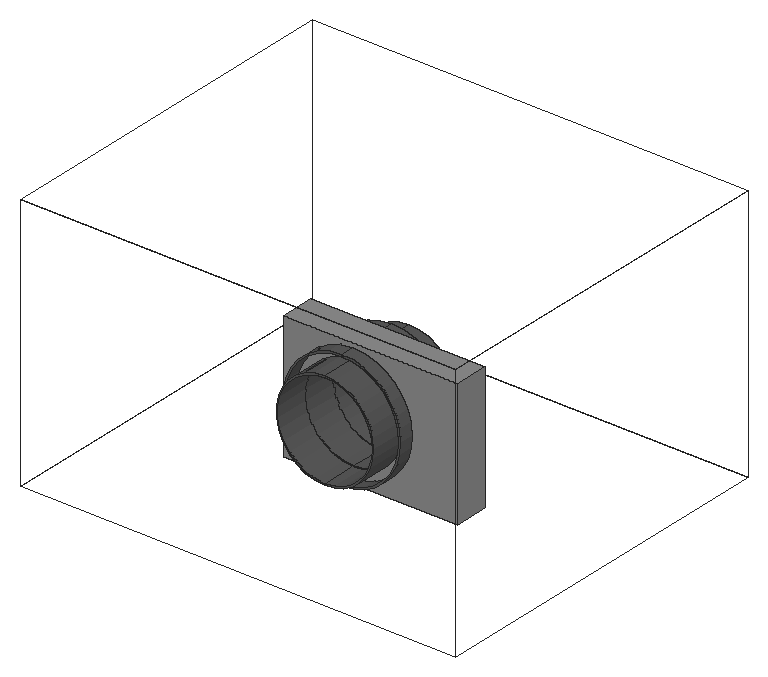
Revit family "Broan®-FRESH_IN™-Motorized_Supply_Damper", category Mechanical Equipment, Revit 2019
Family settings
  Round Connector Dimension = Use Diameter
  Classification = None
  Part Type = Normal
  Work Plane-Based = Yes
  Always vertical = No
  Cut with Voids When Loaded = No
  Shared = No
  Room Calculation Point = No
Parameters (values of type "FIN-6MD")
  c Width = 22.00"
  c Vent Height = 2.15"
  c Offset vent side = (Length - 1.00") / 4  # 1.345"
  c MC width = 6.25" / 2  # 3.125"
  Width = 10.63"  # constant formula
  Voltage = 24 V
  Version = ""
  URL = "https://www.broan-nutone.com/"
  Support Phone = "(224) 699-9545"  # constant formula
  Support Email = "mailto:support@anguleris.com"
  Requirements and Standards = "ASHRAE 62.2\r\nUL 1995"
  Product Page URL = "https://www.broan-nutone.com/en-us/product/freshairsystems/fin-6md"
  Product Name = "Broan® FRESH IN™ Motorized Supply Damper"
  Product Documentation Link = "https://www.broan-nutone.com/getmedia/788e0b06-81c0-433c-9753-49269f57e85a/Spec-Sheet-FIN-6MD.pdf?ext=.pdf"
  Power Factor = 0
  Phase = 1
  Operating Weight = 2.50 lbf  # constant formula
  Number of Poles = 1
  Noise = 0
  Model = "FIN-6MD"
  Manufacturer Phone Number = "800-558-1711"  # constant formula
  Manufacturer Contact Information = "mailto:info@broan-nutone.com"
  Manufacturer Address = "\"926 W State St, Hartford, WI 53027\""
  Manufacturer = "Broan"  # constant formula
  Length = 6.38"  # constant formula
  Height = 7.75"  # constant formula
  Frequency = 60 Hz
  Fan Wattage = 0 W
  Exhaust Air Connection Diameter = 6"  # constant formula
  Default Elevation = 0.00"
  Copyright = "\"Copyright © 2021 Broan-NuTone, LLC. All Rights Reserved\""
  c Lenght = Length - (6.25" / 2)  # 3.255"
  Clearance [instance] = yes
  Air Volume = 0 CFM
Reference planes (in)
  plane 1 "Center (Front/Back)": y = 0
  plane 2: z = 0
  plane 3 "Center (Left/Right)": x = 0
  plane 4: y = 3.19
  plane 5: x = 5.315
  plane 6: y = -3.19
  plane 7: x = -5.315
  plane 8: z = 7.75
  plane 9: y = 11.19
  plane 10: x = 13.315
  plane 11: y = -11.19
  plane 12: x = -13.315
  plane 13: z = 3.875
  plane 14: z = 15.75
  plane 15: y = 1.04
  plane 16: y = -1.04
Forms (in)
  Extrusion 1, solid, material "Metal - Broan NuTone - Gray"
    sketch origin (0, 0, 0) x (1, 0, 0) y (0, 1, 0)
      loop
        line (5.315, 1.04) -> (-5.315, 1.04) -> (-5.315, -1.04) -> (5.315, -1.04) -> (5.315, 1.04)
    from 0 to 7.75
  Extrusion 2, solid, material "Clearances - Broan NuTone", visible <- "Clearance"
    sketch origin (0, 0, 0) x (1, 0, 0) y (0, 1, 0)
      loop
        line (-13.315, 11.19) -> (-13.315, -11.19) -> (13.315, -11.19) -> (13.315, 11.19) -> (-13.315, 11.19)
    from 0 to 15.75
  Extrusion 3, void
    sketch origin (0, 0, 0) x (1, 0, 0) y (0, 0, 1)
      loop
        circle (-1.065, 3.875) r 2.9
    from -3.19 to 3.19
Cuts and joins
  Extrusion 3 cuts Extrusion 1
Dimensions and locks (in)
  equal spacing: plane 7, plane 3 "Center (Left/Right)", plane 5  (x2)
  "Height": plane 8 to level
  "Width": plane 7 to plane 5
  "Length": plane 6 to plane 4
  plane 5 to plane 10 = 8.00"
  plane 12 to plane 7 = 8.00"
  plane 9 to plane 4 = 8.00"
  locked: plane 11 to plane 6 at 8
  locked: plane 12 to plane 7 at 8
  locked: plane 5 to plane 10 at 8
  locked: plane 9 to plane 4 at 8
  plane 13 to level = 3.875"
  plane 6 to plane 1 "Center (Front/Back)" = 3.19"
  locked: plane 14 to plane 8 at 8
  equal spacing: plane 4, plane 1 "Center (Front/Back)", plane 6
  plane 4 to plane 15 = 2.15"
  plane 6 to plane 16 = 2.15"
  plane 7 to nested 1 = 4.25"
  equal spacing: plane 8, plane 13, level
  aligned and locked: plane 2 to level
  aligned and locked: Extrusion 2 sketch curve to plane 10
  aligned and locked: plane 11 to Extrusion 2 sketch curve
  aligned and locked: plane 12 to Extrusion 2 sketch curve
  aligned and locked: Extrusion 2 sketch curve to plane 9
  aligned and locked: plane 14 to Extrusion 2
  aligned and locked: plane 15 to Extrusion 1
  aligned and locked: Extrusion 1 to plane 16
  aligned and locked: Extrusion 1 to plane 7
  aligned and locked: plane 5 to Extrusion 1
  aligned and locked: nested 2 to nested 1
  aligned and locked: nested 1 to nested 2
  aligned and locked: plane 8 to Extrusion 1
  aligned and locked: nested 1 to plane 13
  aligned and locked: nested 2 to plane 13
  aligned and locked: Extrusion 3 sketch curve to nested 2  (x2)
  aligned and locked: plane 4 to Extrusion 3
  aligned and locked: plane 6 to Extrusion 3
Automatic sketch dimensions
  Extrusion 1 sketch curve to plane 4 = 2.15"
  Extrusion 1 sketch curve to plane 6 = 2.15"
  plane 12 to Extrusion 1 sketch curve = 8.00"
  Extrusion 1 sketch curve to plane 10 = 8.00"
Nested families (in)
  nested 1: "Vent" at (-1.065, 1.04, 3.875) x (-1, 0, 0) z (0, 1, 0), type "Vent"
    with Border visibility yes, Upper Border Height 1.29", Radius 3.00", Height 2.15", Diameter 6.00", Border Height 0.86", Border 0.60"
  nested 2: "Vent" at (-1.065, -1.04, 3.875) x (1, 0, 0) z (0, -1, 0), type "Vent"
    with Border visibility yes, Upper Border Height 1.29", Radius 3.00", Height 2.15", Diameter 6.00", Border Height 0.86", Border 0.60"
Connectors (in)
  hvac at (-1.065, -3.19, 3.875)
    settings: on nested 2, index 1, duct flow 0 CFM, flow factor 0, pres drop 0.00 in-wg, loss coef 0, conn angle 0.00°, conn width 12", conn height 12", conn diameter 6", duct sys type 3, conn prof type 0, flow config 0, flow direction 0, loss method 0, conn ref index -1, conn util no, is conn primary yes, conn desc ""
  hvac at (-1.065, 3.19, 3.875)
    settings: on nested 1, index 2, duct flow 0 CFM, flow factor 0, pres drop 0.00 in-wg, loss coef 0, conn angle 0.00°, conn width 12", conn height 12", conn diameter 6", duct sys type 3, conn prof type 0, flow config 0, flow direction 0, loss method 0, conn ref index -1, conn util no, is conn primary no, conn desc ""
  electrical at (5.315, 0, 3.875), driven by "Voltage", driven by "Power Factor"
    settings: on Extrusion 1, index 3, voltage 24 V, apparent load 0 VA, apparent load phase1 0 VA, apparent load phase2 0 VA, apparent load phase3 0 VA, power factor 0, load classification "Power", number of poles 1, system type 31, power factor state 1, is connector primary yes, connector utility no, sub classification motor no, connector description ""
Definition of nested family "Vent"
  Parameters (values of type "Vent")
    Width = 0.10"
    Vent Material = none
    Upper border width = 0.10"
    Upper Border Height = 1.5 * Border Height  # 1.539"
    Radius = Diameter / 2  # 2.50"
    Height = 2.565"
    Diameter = 5.00"
    Default Elevation = 48.00"
    Border visibility [instance] = yes
    Border Width = Width  # 0.10"
    Border Material = none
    Border Height = Height / 2.5  # 1.026"
    Border = Diameter / 10  # 0.50"
  Reference planes (in)
    plane 1 "Center (Front/Back)": y = 0
    plane 2: z = 0
    plane 3 "Center (Left/Right)": x = 0
    plane 4: y = 3
    plane 5: y = 2.5
    plane 6: z = 2.565
    plane 7: z = 1.026
    plane 8: y = 2.4
    plane 9: z = 1.026
  Forms (in)
    Revolve 1, solid, material <- "Border Material", detail levels coarse
      sketch origin (0, 0, 0) x (0, 1, 0) y (0, 0, 1)
        loop
          line (0, 2.565) -> (0, 0) -> (2.5, 0) -> (2.5, 2.565) -> (0, 2.565)
        axis (0, 2.565) -> (0, 0)
      angle from 0 to 360
    Revolve 2, solid, material <- "Border Material", detail levels medium+fine
      sketch origin (0, 0, 0) x (0, 1, 0) y (0, 0, 1)
        loop
          line (2.4, 2.565) -> (2.4, 0) -> (2.5, 0) -> (2.5, 2.565) -> (2.4, 2.565)
        axis (0, 2.565) -> (0, 0)
      angle from 0 to 360
    Revolve 3, solid, material <- "Border Material", visible <- "Border visibility", detail levels medium+fine
      sketch origin (0, 0, 0) x (0, 1, 0) y (0, 0, 1)
        loop
          line (3, 1.026) -> (2.9, 1.026) -> (2.9, 0) -> (3, 0) -> (3, 1.026)
        axis (0, 1.026) -> (0, 0)
      angle from 0 to 360
  Dimensions and locks (in)
    "Radius": plane 5 to plane 1 "Center (Front/Back)"
    "Border": plane 4 to plane 5
    "Border Height": plane 7 to level
    "Height": plane 6 to level
    "Width": plane 5 to plane 8
    "Border Width": plane 4 to Revolve 3 sketch curve
    "Upper Border Height": plane 6 to plane 9
    aligned and locked: plane 2 to level
    aligned and locked: Revolve 1 sketch curve to Revolve 1 sketch curve
    aligned and locked: plane 6 to Revolve 1 sketch curve
    aligned and locked: Revolve 1 sketch curve to plane 5
    aligned and locked: Revolve 2 sketch curve to plane 6
    aligned and locked: level to Revolve 2 sketch curve
    aligned and locked: Revolve 2 sketch curve to plane 8
    aligned and locked: plane 5 to Revolve 2 sketch curve
    aligned and locked: Revolve 3 sketch curve to plane 4
    aligned and locked: plane 7 to Revolve 3 sketch curve
    aligned and locked: Revolve 3 sketch curve to level
  Automatic sketch dimensions
    Revolve 1 sketch curve to plane 1 "Center (Front/Back)" = 0.00"
    Revolve 1 sketch curve to level = 0.00"
    Revolve 1 sketch curve to level = 24.00"
    plane 6 to Revolve 1 sketch curve = 79.96332"
    Revolve 3 sketch curve to plane 1 "Center (Front/Back)" = 0.00"
    Revolve 3 sketch curve to level = 24.00"
    plane 6 to Revolve 3 sketch curve = 79.96332"
